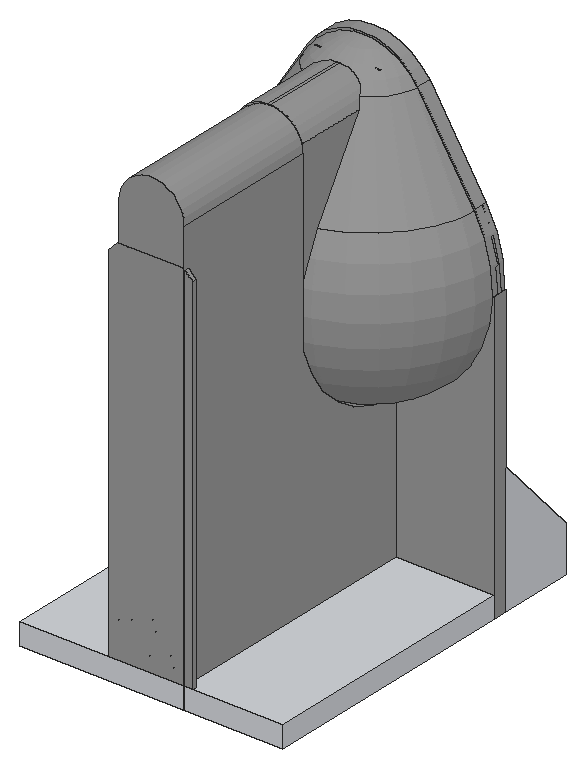
Revit family "Toilet-Willoughby-ASETW-1490-FM-BS", category Plumbing Fixtures, Revit 2015
Parameters (values of type "Standard")
  Waste DIA = 2 3/8"
  Waste Connection = yes
  W-RAD [instance] = Waste DIA / 2  # 0' - 1 3/16"
  Vent Connection = no
  URL = "https://www.willoughby-ind.com/wp-content/uploads/2018/01/ASETW-1490-FM.pdf"
  Type Comments = ""
  Revision = "A"
  Model = "ASETW-1490-FM-BS"
  Manufacturer = "Willoughby Industries"
  HW Connection = no
  Flush inlet DIA = 1 1/2"
  Flush Inlet Connection = yes
  Fixture Body = Stainless Steel AISI 304-Willoughby
  F-RAD [instance] = Flush inlet DIA / 2  # 0' - 0 3/4"
  Description = "Ligature resistant, Wall Outlet, Floor Mounted, Blowout Toilet, Back Spud"
  Default Elevation = 0' - 0"
  Contact Number = "(800) 428-4065"
  CW Connection = no
Reference planes (in)
  plane 1 "Base": y = -16.25
  plane 2: z = 0
  plane 3 "Center": x = 18.31072
  plane 4 "Waste height": y = -4.75
  plane 5: y = -1.25
  plane 6: z = -6.75
  plane 7: y = -2.125
  plane 8: y = -14.0625
  plane 9: y = 0.5
  plane 10: x = 16.56072
  plane 11: x = 20.06072
  plane 12: x = 11.56072
  plane 13: x = 25.06072
  plane 14: z = -3
  plane 15: z = 25
Forms (in)
  Extrusion 1, solid, material "Stainless Steel AISI 304-Willoughby" <- "Fixture Body"
    sketch origin (16.08109, 7.47968, -7.1422) x (-1, 0, 0) y (0, 0, -1)
      loop
        line (4.79427, -22.6422) -> (4.83287, -22.6422) -> (4.83287, -7.1422) -> (-9.29213, -7.1422) -> (-9.29213, -22.6422) -> (-9.19876, -22.6422)
        arc (-9.19876, -22.6422) -> (-8.97822, -24.61978) -> (-8.21015, -26.45542) r 7
        line (-8.21015, -26.45542) -> (-5.16818, -31.31054)
        arc (-5.16818, -31.31054) -> (-2.20225, -32.95225) -> (0.76368, -31.31054) r 3.5
        line (0.76368, -31.31054) -> (3.80565, -26.45542)
        arc (3.80565, -26.45542) -> (4.57373, -24.61978) -> (4.79427, -22.6422) r 7
      loop
        arc (2.03989, -24.70557) -> (-2.20225, -18.23804) -> (-6.44438, -24.70557) r 4.625
        line (-6.44438, -24.70557) -> (-4.04125, -30.23842)
        arc (-4.04125, -30.23842) -> (-2.20225, -31.45225) -> (-0.36324, -30.23842) r 2
        line (-0.36324, -30.23842) -> (2.03989, -24.70557)
    from 8.72968 to 9.5
  Revolve 2, solid, material "Stainless Steel AISI 304-Willoughby" <- "Fixture Body"
    sketch origin (19.37246, -1.52032, -3.93826) x (-1, 0, 0) y (0, 0, -1)
      loop
        line (1.06174, -12.59906) -> (1.06174, -12.84906)
        arc (1.06174, -12.84906) -> (6.96784, -16.33096) -> (6.78077, -23.18447) r 6.75
        line (6.78077, -23.18447) -> (3.81535, -27.91457)
        arc (3.81535, -27.91457) -> (2.63527, -29.03194) -> (1.06174, -29.43826) r 3.25
        line (1.06174, -29.43826) -> (1.06174, -29.68826)
        arc (1.06174, -29.68826) -> (2.75672, -29.25045) -> (4.02767, -28.04656) r 3.5
        line (4.02767, -28.04656) -> (7.06964, -23.19143)
        arc (7.06964, -23.19143) -> (7.15052, -16.14555) -> (1.06174, -12.59906) r 7
      axis (1.06174, -12.59906) -> (1.06174, -29.68826)
    angle from 0 to -180
  Extrusion 3, solid, material "Stainless Steel AISI 304-Willoughby" <- "Fixture Body"
    sketch origin (19.53334, -3.02032, -4.9508) x (0, 1, 0) y (0, 0, 1)
      loop
        line (-5.27082, 4.9508) -> (1, 4.9508) -> (1, 13.76086)
        arc (1, 13.76086) -> (-2.93256, 15.26109) -> (-5.27082, 18.76086) r 6.92744
        line (-5.27082, 18.76086) -> (-5.27082, 4.9508)
    from 0.52738 to -2.97262
  Extrusion 4, solid, material "Stainless Steel AISI 304-Willoughby" <- "Fixture Body"
    sketch origin (0, 14.59309, -3) x (1, 0, 0) y (0, 1, 0)
      loop
        circle (18.31072, -19.34309) r 1.1875
    from 5.5 to 0
  Extrusion 5, solid, material "Stainless Steel AISI 304-Willoughby" <- "Fixture Body"
    sketch origin (0, 0, 0) x (1, 0, 0) y (0, 1, 0)
      loop
        circle (18.31072, 0.5) r 0.75
    from 0 to 1
  Extrusion 6, solid, material "Stainless Steel AISI 304-Willoughby" <- "Fixture Body"
    sketch origin (0, -16.25, 0) x (1, 0, 0) y (0, 0, 1)
      loop
        line (20.06072, 0) -> (20.06072, 23.28412)
        arc (20.06072, 23.28412) -> (18.31072, 25.03412) -> (16.56072, 23.28412) r 1.75
        line (16.56072, 23.28412) -> (16.56072, 0) -> (20.06072, 0)
    from 0 to -7.95886
  Extrusion 7, solid, material "Stainless Steel AISI 304-Willoughby" <- "Fixture Body"
    sketch origin (-0.06578, -16.25, 7) x (1, 0, 0) y (0, 0, 1)
      loop
        line (20.06072, -7) -> (20.56072, -7) -> (20.56072, 13.75) -> (20.06072, 14.25) -> (16.56072, 14.25) -> (16.06072, 13.75) -> (16.06072, -7) -> (16.56072, -7) -> (20.06072, -7)
    from 0 to -0.25
  Extrusion 8, solid, material "Stainless Steel AISI 304-Willoughby" <- "Fixture Body"
    sketch origin (18.31072, 0, 0) x (0, 1, 0) y (0, 0, 1)
      loop
        line (-3.0438, 25.03193) -> (-8.29114, 25.03193) -> (-8.29114, 16.73622)
        arc (-8.29114, 16.73622) -> (-8.25839, 17.11069) -> (-8.16113, 17.47379) r 2.15729
        arc (-8.16113, 17.47379) -> (-7.78826, 18.37428) -> (-7.33828, 19.23882) r 11.16687
        arc (-7.33828, 19.23882) -> (-5.85557, 21.70663) -> (-4.28753, 24.12112) r 82.3759
        arc (-4.28753, 24.12112) -> (-3.71235, 24.64027) -> (-3.0438, 25.03193) r 3.79911
    from 1.75 to -1.75
  Extrusion 9, void
    sketch origin (0, -16.25, 0) x (1, 0, 0) y (0, 0, 1)
      loop
        arc (16.43207, 23.28193) -> (16.94463, 24.51936) -> (18.18207, 25.03193) r 1.75
        line (18.18207, 25.03193) -> (16.43207, 25.03193) -> (16.43207, 23.28193)
    from -7.95886 to -13.18331
  Extrusion 10, void
    sketch origin (0, -16.25, 0) x (1, 0, 0) y (0, 0, 1)
      loop
        arc (18.34313, 25.03193) -> (19.49966, 24.59853) -> (20.12234, 23.53193) r 1.84176
        line (20.12234, 23.53193) -> (20.12234, 25.03193) -> (18.34313, 25.03193)
    from -7.95886 to -13.18919
  Extrusion 11, solid
    sketch origin (0, 0, 0) x (1, 0, 0) y (0, 1, 0)
      loop
        line (25.37322, -2.02032) -> (11.24822, -2.02032) -> (11.24822, -16.27032) -> (25.37322, -16.27032) -> (25.37322, -2.02032)
    from 1.125 to 0
  Extrusion 12, solid
    sketch origin (18.31072, 0, 0) x (0, 1, 0) y (0, 0, 1)
      loop
        line (-1.25, 0) -> (2.75, 0) -> (2.75, 2.5) -> (-1.25, 7) -> (-1.25, 0)
    from 7.0625 to -7.0625
Cuts and joins
  joined: Extrusion 3, Extrusion 6
  Extrusion 9, Extrusion 10 cuts Extrusion 8
Lines and regions (in)
  symbolic lines
    curve 1: line (13.81072, -16.25, 0) -> (13.81072, -1.25, 0)
    curve 2: line (22.81072, -16.25, 0) -> (22.81072, -1.25, 0)
    curve 3: line (13.81072, -16.25, 0) -> (22.81072, -16.25, 0)
    curve 4: line (11.28334, -2.02032, 0) -> (11.28334, -1.25, 0)
    curve 5: line (11.28334, -1.25, 0) -> (25.28334, -1.25, 0)
    curve 6: line (25.28334, -1.25, 0) -> (25.28334, -2.02032, 0)
    curve 7: line (14.78334, -1.25, 0) -> (14.78334, 1.75, 0)
    curve 8: line (14.78334, 1.75, 0) -> (21.81072, 1.75, 0)
    curve 9: line (21.81072, 1.75, 0) -> (21.81072, -1.25, 0)
    curve 10: arc (25.28334, -2.02032, 0) -> (23.08185, -6.64916, 0) -> (18.31072, -8.52239, 0) r 6.97293
    curve 11: arc (18.31072, -8.52239, 0) -> (13.52793, -6.64299, 0) -> (11.28334, -2.02032, 0) r 7.06571
    curve 12: line (16.56072, -8.2982, 0) -> (16.56072, -16.25, 0)
    curve 13: line (20.06072, -16.25, 0) -> (20.06072, -8.30327, 0)
    curve 18: line (13.81072, -16.25, 0) -> (22.81072, -16.25, 0)
    curve 19: line (22.81072, -16.25, 0) -> (22.81072, -16.25, 1)
    curve 20: line (22.81072, -16.25, 1) -> (21.81072, -16.25, 1)
    curve 21: line (21.81072, -16.25, 0) -> (21.81072, -16.25, 9.67456)
    curve 22: line (14.78334, -16.25, 0) -> (14.78334, -16.25, 9.65867)
    curve 23: line (14.78334, -16.25, 1) -> (13.81072, -16.25, 1)
    curve 24: line (13.81072, -16.25, 1) -> (13.81072, -16.25, 0)
    curve 25: line (21.81072, -16.25, 5) -> (14.78334, -16.25, 5)
    curve 26: arc (21.81072, -16.25, 9.67456) -> (25.06245, -16.25, 13.97624) -> (24.29124, -16.25, 19.31322) r 7
    curve 27: line (24.29124, -16.25, 19.31322) -> (21.24927, -16.25, 24.16835)
    curve 28: arc (21.24927, -16.25, 24.16835) -> (19.98923, -16.25, 25.34792) -> (18.31072, -16.25, 25.75) r 3.37397
    curve 29: arc (18.31072, -16.25, 25.75) -> (16.62783, -16.25, 25.31163) -> (15.31741, -16.25, 24.16835) r 3.79331
    curve 30: line (15.31741, -16.25, 24.16835) -> (12.35249, -16.25, 19.43905)
    curve 31: arc (12.35249, -16.25, 19.43905) -> (11.49002, -16.25, 14.03241) -> (14.78334, -16.25, 9.65867) r 7
    curve 37: line (18.31072, -8.45513, 16.43593) -> (18.31072, -16.25, 16.43593)
    curve 38: line (18.31072, -16.25, 16.43593) -> (18.31072, -16.25, 0)
    curve 39: line (18.31072, -16.25, 0) -> (18.31072, 1.75, 0)
    curve 40: line (18.31072, 1.75, 0) -> (18.31072, 1.75, 5)
    curve 41: line (18.31072, 1.75, 5) -> (18.31072, -1.25, 5)
    curve 42: line (18.31072, -1.25, 5) -> (18.31072, -1.25, 25.81005)
    curve 43: line (18.31072, -1.25, 25.81005) -> (18.31072, -2.02032, 25.81005)
    curve 44: arc (18.31072, -2.02032, 25.81005) -> (18.31072, -3.17426, 25.3587) -> (18.31072, -4.14211, 24.58504) r 4.1253
    curve 45: line (18.31072, -4.14211, 24.58504) -> (18.31072, -7.52822, 19.25317)
    curve 46: arc (18.31072, -7.52822, 19.25317) -> (18.31072, -8.16721, 17.9023) -> (18.31072, -8.45513, 16.43593) r 6.04234
    curve 47: arc (18.31072, -8.45513, 16.43593) -> (18.31072, -8.2983, 15.12766) -> (18.31072, -8.29114, 13.81005) r 11.57712
    curve 48: arc (18.31072, -8.29114, 13.81005) -> (18.31072, -5.95289, 10.31029) -> (18.31072, -2.02032, 8.81005) r 6.92744
    curve 49: line (18.31072, -1.25, 9.65867) -> (18.31072, -2.02032, 9.65867)
    curve 50: line (18.31072, -2.02032, 9.65867) -> (18.31072, -2.02032, 1)
    curve 51: line (18.31072, -2.02032, 1) -> (18.31072, -16.25, 1)
  symbolic lines, detail levels medium+fine
    curve 14: line (20.06072, -16, 0) -> (20.56072, -16, 0)
    curve 15: line (20.56072, -16, 0) -> (20.56072, -16.25, 0)
    curve 16: line (16.56072, -16, 0) -> (16.06072, -16, 0)
    curve 17: line (16.06072, -16, 0) -> (16.06072, -16.25, 0)
  symbolic lines, detail levels fine
    curve 32: arc (14.0412, -16.25, 17.56337) -> (18.28334, -16.25, 11.09585) -> (22.52547, -16.25, 17.56337) r 4.625
    curve 33: line (22.52547, -16.25, 17.56337) -> (20.12234, -16.25, 23.09622)
    curve 34: arc (20.12234, -16.25, 23.09622) -> (19.38317, -16.25, 23.97635) -> (18.28334, -16.25, 24.31005) r 2.01767
    curve 35: arc (18.28334, -16.25, 24.31005) -> (17.17969, -16.25, 23.98213) -> (16.44433, -16.25, 23.09622) r 1.9827
    curve 36: line (16.44433, -16.25, 23.09622) -> (14.0412, -16.25, 17.56337)
Dimensions and locks (in)
  locked: plane 1 "Base" to plane 4 "Waste height" at 11.5
  locked: plane 1 "Base" to plane 5 at 15
  locked: plane 1 "Base" to plane 9 at 16.75
  plane 15 to level = 2' - 1"
  "W-RAD": radius of Extrusion 4 sketch curve
  "F-RAD": radius of Extrusion 5 sketch curve
  aligned and locked: plane 3 "Center" to Extrusion 4 sketch curve
  aligned and locked: plane 4 "Waste height" to Extrusion 4 sketch curve
  aligned and locked: plane 9 to Extrusion 5 sketch curve
  aligned and locked: plane 3 "Center" to Extrusion 5 sketch curve
Automatic sketch dimensions
  plane 5 to curve 5 = 0' - 0"
  plane 1 "Base" to curve 3 = 0' - 0"
  curve 16 to plane 10 = 0' - 0"
  curve 11 to plane 3 "Center" = 0' - 0"
  curve 10 to plane 3 "Center" = 0' - 0"
  curve 13 to plane 11 = 0' - 0"
  curve 16 to plane 1 "Base" = 0' - 0 1/4"
  curve 16 to plane 10 = 0' - 0 1/2"
  curve 8 to plane 10 = 0' - 1.77738"
  curve 1 to curve 17 = 0' - 2 1/4"
  plane 7 to curve 4 = 0' - 0.10468"
  curve 4 to plane 12 = 0' - 0.27738"
  plane 3 "Center" to curve 10 = 0' - 0 1/64"
  plane 3 "Center" to curve 11 = 0' - 0.01581"
  curve 14 to curve 14 = 0' - 0 1/2"
  plane 11 to curve 8 = 0' - 1 3/4"
  curve 3 to plane 13 = 0' - 2 1/4"
  curve 2 to curve 5 = 0' - 2.47262"
  curve 15 to curve 14 = 0' - 0 1/4"
  plane 7 to curve 6 = 0' - 0.10468"
  curve 8 to plane 9 = 0' - 1 1/4"
  curve 38 to plane 1 "Base" = 0' - 0"
  curve 42 to plane 5 = 0' - 0"
  curve 40 to level = 0' - 0"
  plane 1 "Base" to curve 47 = 0' - 3.6029"
  plane 4 "Waste height" to curve 37 = 0' - 3.70513"
  plane 4 "Waste height" to curve 45 = 0' - 2.77822"
  curve 45 to plane 4 "Waste height" = 0' - 0.60789"
  curve 46 to plane 7 = 0' - 0.30255"
  plane 7 to curve 50 = 0' - 0.10468"
  plane 7 to curve 43 = 0' - 0.10468"
  plane 5 to curve 48 = 0' - 0.38413"
  curve 44 to plane 5 = 0' - 0.13839"
  curve 41 to plane 9 = 0' - 1 1/4"
  level to curve 51 = 0' - 1"
  level to curve 41 = 0' - 5"
  curve 41 to curve 50 = 0' - 4.65867"
  curve 47 to plane 15 = 0' - 10.59394"
  curve 49 to curve 48 = 0' - 6.06805"
  curve 48 to curve 46 = 0' - 0.28717"
  curve 47 to curve 38 = 0' - 2.02987"
  curve 44 to plane 15 = 0' - 3.21392"
  curve 45 to plane 15 = 0' - 0.41496"
  curve 47 to curve 48 = 0' - 0.16399"
  curve 26 to curve 31 = 0' - 0"  (x2)
  curve 26 to curve 32 = 0' - 0"  (x2)
  curve 31 to curve 32 = 0' - 0"  (x2)
  curve 24 to level = 0' - 0"
  curve 28 to plane 3 "Center" = 0' - 0"
  curve 29 to plane 3 "Center" = 0' - 0"
  curve 32 to plane 3 "Center" = 0' - 0.02738"
  curve 35 to plane 3 "Center" = 0' - 0.03882"
  curve 34 to curve 35 = 0' - 0.0002"
  curve 36 to plane 10 = 0' - 0.11639"
  curve 30 to plane 10 = 0' - 1.24331"
  curve 22 to plane 10 = 0' - 1.77738"
  plane 12 to curve 36 = 0' - 2 123/256"
  curve 18 to curve 22 = 0' - 0.97262"
  plane 12 to curve 30 = 0' - 0.79177"
  plane 3 "Center" to curve 28 = 0' - 0.07942"
  plane 3 "Center" to curve 29 = 0' - 0.08929"
  plane 11 to curve 33 = 0' - 0.06162"
  curve 27 to plane 15 = 0' - 0.83165"
  plane 11 to curve 27 = 0' - 1.18855"
  plane 11 to curve 21 = 0' - 1 3/4"
  plane 11 to curve 33 = 0' - 2.46475"
  curve 20 to curve 19 = 0' - 1"
  curve 27 to plane 13 = 0' - 0.76948"
  curve 18 to curve 19 = 0' - 1"
  curve 18 to curve 24 = 0' - 1"
  curve 23 to curve 22 = 0' - 8.65867"
  curve 22 to curve 21 = 0' - 0.01589"
  curve 22 to curve 31 = 0' - 6.06218"
  curve 36 to curve 30 = 0' - 1.87568"
  curve 29 to plane 15 = 0' - 3.04226"
  curve 34 to curve 28 = 0' - 0.08455"
  curve 34 to curve 35 = 0' - 0.03496"
  curve 36 to curve 29 = 0' - 1.07212"
  curve 33 to curve 27 = 0' - 1.07212"
  curve 20 to curve 25 = 0' - 4"
  Revolve 2 sketch curve to Revolve 2 sketch curve = 0' - 0"  (x2)
  Revolve 2 sketch curve to plane 3 "Center" = 0' - 0"  (x3)
  plane 3 "Center" to Revolve 2 sketch curve = 0' - 0"
  Revolve 2 sketch curve to plane 10 = 0' - 1.00361"
  Revolve 2 sketch curve to plane 15 = 0' - 0.8917"
  Revolve 2 sketch curve to Revolve 2 sketch curve = 0' - 0.21232"
  plane 12 to Revolve 2 sketch curve = 0' - 1.03097"
  Revolve 2 sketch curve to Revolve 2 sketch curve = 0' - 0.28887"
  plane 15 to Revolve 2 sketch curve = 0' - 0 1/2"
  Revolve 2 sketch curve to Revolve 2 sketch curve = 0' - 0 1/4"
  Revolve 2 sketch curve to Revolve 2 sketch curve = 0' - 0.13199"
  Revolve 2 sketch curve to Revolve 2 sketch curve = 0' - 4.85513"
  Revolve 2 sketch curve to Revolve 2 sketch curve = 0' - 0.00696"
  Revolve 2 sketch curve to Revolve 2 sketch curve = 0' - 6.5892"
  Revolve 2 sketch curve to Revolve 2 sketch curve = 0' - 3 1/4"
  Revolve 2 sketch curve to Revolve 2 sketch curve = 0' - 2.4108"
  Extrusion 3 sketch curve to level = 0' - 0"
  plane 4 "Waste height" to Extrusion 3 sketch curve = 0' - 3.54114"
  plane 7 to Extrusion 3 sketch curve = 0' - 0.10468"
  plane 5 to Extrusion 3 sketch curve = 0' - 0.38413"
  Extrusion 3 sketch curve to Extrusion 3 sketch curve = 0' - 8.81005"
  Extrusion 3 sketch curve to Extrusion 3 sketch curve = 0' - 5"
  Extrusion 6 sketch curve to level = 0' - 0"
  Extrusion 6 sketch curve to plane 10 = 0' - 0"
  Extrusion 6 sketch curve to plane 3 "Center" = 0' - 0"
  Extrusion 6 sketch curve to plane 15 = 0' - 1.71588"
  Extrusion 7 sketch curve to level = 0' - 0"
  Extrusion 7 sketch curve to plane 10 = 0' - 0.56578"
  Extrusion 7 sketch curve to plane 10 = 0' - 0.06578"  (x2)
  Extrusion 7 sketch curve to plane 11 = 0' - 0.06578"  (x2)
  plane 11 to Extrusion 7 sketch curve = 0' - 0.43422"
  Extrusion 7 sketch curve to plane 15 = 0' - 4 1/4"  (x2)
  Extrusion 7 sketch curve to Extrusion 7 sketch curve = 0' - 0 1/2"
  plane 15 to Extrusion 8 sketch curve = 0' - 0.03193"
  plane 4 "Waste height" to Extrusion 8 sketch curve = 0' - 3.54114"
  plane 4 "Waste height" to Extrusion 8 sketch curve = 0' - 1.38385"
  Extrusion 8 sketch curve to plane 7 = 0' - 0.9188"
  plane 5 to Extrusion 8 sketch curve = 0' - 0.21771"
  Extrusion 8 sketch curve to plane 9 = 0' - 1.83279"
  Extrusion 8 sketch curve to plane 6 = 1' - 3.19552"
  Extrusion 8 sketch curve to plane 9 = 5' - 3.50343"
  Extrusion 8 sketch curve to plane 15 = 0' - 11.34412"
  Extrusion 8 sketch curve to plane 15 = 0' - 8.26378"
  Extrusion 8 sketch curve to plane 15 = 0' - 3.42484"
  Extrusion 8 sketch curve to Extrusion 8 sketch curve = 0' - 0"  (x2)
  plane 15 to Extrusion 9 sketch curve = 0' - 0.03193"
  Extrusion 9 sketch curve to plane 10 = 0' - 0.12865"
  Extrusion 9 sketch curve to plane 3 "Center" = 0' - 0.12865"
  plane 3 "Center" to Extrusion 10 sketch curve = 0' - 0.0018"
  plane 15 to Extrusion 10 sketch curve = 0' - 0.03193"
  plane 11 to Extrusion 10 sketch curve = 0' - 0.06162"
  plane 3 "Center" to Extrusion 10 sketch curve = 0' - 0.03241"
  Extrusion 10 sketch curve to plane 15 = 0' - 1.46807"
  Extrusion 1 sketch curve to Extrusion 1 sketch curve = 0' - 0"  (x6)
  Extrusion 1 sketch curve to level = 0' - 0"
  plane 13 to Extrusion 1 sketch curve = 0' - 0 5/16"
  Extrusion 1 sketch curve to Extrusion 1 sketch curve = 0' - 0.09337"
  Extrusion 1 sketch curve to plane 13 = 0' - 0.76948"
  plane 11 to Extrusion 1 sketch curve = 0' - 2.46475"
  plane 11 to Extrusion 1 sketch curve = 0' - 1.18855"
  plane 11 to Extrusion 1 sketch curve = 0' - 0.06162"
  Extrusion 1 sketch curve to plane 3 "Center" = 0' - 0.02738"  (x2)
  Extrusion 1 sketch curve to plane 10 = 0' - 0.11639"
  Extrusion 1 sketch curve to plane 15 = 0' - 0.83165"
  Extrusion 1 sketch curve to plane 10 = 0' - 1.24331"
  plane 12 to Extrusion 1 sketch curve = 0' - 2 123/256"
  plane 12 to Extrusion 1 sketch curve = 0' - 0.71472"
  Extrusion 1 sketch curve to plane 12 = 0' - 0 5/16"
  Extrusion 1 sketch curve to Extrusion 1 sketch curve = 0' - 1.07212"
  Extrusion 1 sketch curve to Extrusion 1 sketch curve = 0' - 0.78617"
  Extrusion 1 sketch curve to Extrusion 1 sketch curve = 0' - 3.783"
  Extrusion 1 sketch curve to Extrusion 1 sketch curve = 0' - 1.74985"
  Extrusion 1 sketch curve to Extrusion 1 sketch curve = 0' - 1.84253"
  Extrusion 1 sketch curve to Extrusion 1 sketch curve = 0' - 2.06337"
  Extrusion 1 sketch curve to Extrusion 1 sketch curve = 0' - 0.0386"
  plane 7 to Extrusion 11 sketch curve = 0' - 0.10468"
  Extrusion 11 sketch curve to plane 12 = 0' - 0 5/16"
  plane 1 "Base" to Extrusion 11 sketch curve = 0' - 0.02032"
  plane 13 to Extrusion 11 sketch curve = 0' - 0 5/16"
  Extrusion 12 sketch curve to plane 5 = 0' - 0"
  Extrusion 12 sketch curve to level = 0' - 0"
  Extrusion 12 sketch curve to plane 9 = 0' - 2 1/4"
  level to Extrusion 12 sketch curve = 0' - 2 1/2"
  Extrusion 12 sketch curve to Extrusion 12 sketch curve = 0' - 4 1/2"
Connectors (in)
  piping at (18.31072, -4.75, -3), diameter 2.375, driven by "W-RAD", driven by "Waste Connection"
    settings: on Extrusion 4, index 1, connector inside diameter 2 1/2", connector length 0' - 0", flow factor 0, pipe flow 0 GPM, pressure drop 0.00 psi, fitting loss kfactor 0, connector angle 0.00°, fixture units 0, engagement length 0' - 0", angle of deflection 0.00°, flow configuration 0, flow direction 2, fitting loss method 0, system type 16, joint type 0, gender type 0, connector reference index -1, connector utility 1, adjustable connector yes, is connector primary yes, connector description "Toilet Waste"
  piping at (18.31072, 0.5, 1), diameter 1.5, driven by "F-RAD", driven by "Flush Inlet Connection"
    settings: on Extrusion 5, index 2, connector inside diameter 1 1/2", connector length 0' - 0", flow factor 0, pipe flow 0 GPM, pressure drop 0.00 psi, fitting loss kfactor 0, connector angle 0.00°, fixture units 0, engagement length 0' - 0", angle of deflection 0.00°, flow configuration 0, flow direction 1, fitting loss method 0, system type 20, joint type 0, gender type 0, connector reference index -1, connector utility 1, adjustable connector no, is connector primary no, connector description "Flush Inlet"
